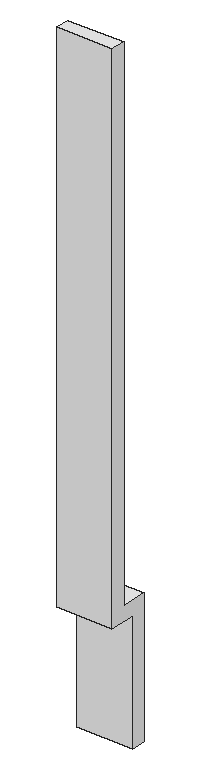
Revit family
Parameters (values of type "75mm")
  Cabinet Material = none
  Depth = 600 mm
  Height = 860 mm
  Plinth Depth = 35 mm
  Plinth Height = 160 mm
  Width [instance] = 75 mm
Reference planes
  plane 1 "Back": y = 0
  plane 2: z = 0
  plane 3 "Center": x = 18.738
  plane 4 "Left": x = -18.762
  plane 5 "Right": x = 56.238
  plane 6 "Front": y = -600
  plane 7 "Top": z = 860
  plane 8: y = -565
  plane 9: z = 160
  plane 10: z = 840.95
  plane 11: z = 179.05
  plane 12: z = 510
  plane 13: z = 490.95
Forms (mm)
  Sweep 1, solid, material <- "Cabinet Material"
    path origin (0, 0, 0) x (1, 0, 0) y (0, 1, 0)
      loop
        line (56.238, -600) -> (-18.762, -600)
    profile origin (18.738, 0, 0) x (0, -1, 0) y (0, 0, 1)
      loop
        line (565, 160) -> (600, 160) -> (600, 860) -> (580.95, 860) -> (580.95, 179.05) -> (545.95, 179.05) -> (545.95, 0) -> (565, 0) -> (565, 160)
Lines and regions (mm)
  symbolic lines, style "Plan Rep - Below"
    curve 1: line (56.238, -600, 0) -> (-18.762, -600, 0)
    curve 2: line (56.238, 0, 0) -> (56.238, -600, 0)
    curve 3: line (-18.762, 0, 0) -> (56.238, 0, 0)
    curve 4: line (-18.762, -600, 0) -> (-18.762, 0, 0)
Dimensions and locks
  "Depth": plane 6 "Front" to plane 1 "Back"
  "Width": plane 4 "Left" to plane 5 "Right"
  equal spacing: plane 4 "Left", plane 3 "Center", plane 5 "Right"
  "Height": level to plane 7 "Top"
  "Plinth Height": plane 2 to plane 9
  "Plinth Depth": plane 6 "Front" to plane 8
  locked: plane 7 "Top" to plane 10 at 19.05
  locked: plane 11 to plane 9 at 19.05
  equal spacing: plane 10, plane 12, plane 11
  locked: plane 12 to plane 13 at 19.05
  aligned and locked: Sweep 1 sketch curve to plane 6 "Front"
  aligned and locked: plane 7 "Top" to Sweep 1 sketch curve
  aligned and locked: Sweep 1 sketch curve to plane 9
  aligned and locked: plane 6 "Front" to Sweep 1 sketch curve
  aligned and locked: Sweep 1 sketch curve to plane 8
  aligned and locked: plane 2 to Sweep 1 sketch curve
Automatic sketch dimensions
  curve 1 to plane 4 "Left" = 0 mm
  curve 3 to plane 1 "Back" = 0 mm
  curve 3 to plane 5 "Right" = 0 mm
  curve 1 to plane 6 "Front" = 0 mm
  Sweep 1 sketch curve to plane 5 "Right" = 0 mm
  Sweep 1 sketch curve to plane 4 "Left" = 0 mm
  Sweep 1 sketch curve to Sweep 1 sketch curve = 19.05 mm  (x2)
  profile plane to Sweep 1 sketch curve = 19.05 mm
